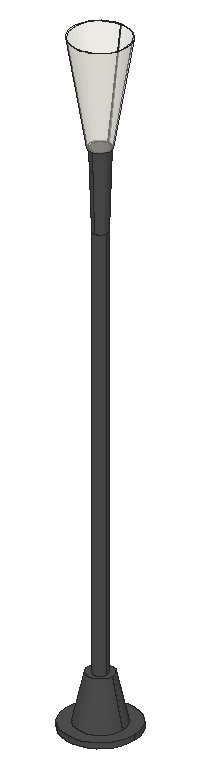
Revit family
Parameters (values of type "200 Watts")
  Wattage Comments = "200"
  Wattage = 200 W
  built-in parameter 1150110 = 1 (stored number, unit not read)
  built-in parameter 1114217 = 1 (stored number, unit not read)
  built-in parameter 1150109 = 1 (stored number, unit not read)
  built-in parameter 1150134 = 4
  built-in parameter 1150113 = 1 (stored number, unit not read)
  built-in parameter 1150105 = 190.99 (stored number, unit not read)
  Lumens = 2400 lm
  built-in parameter 1150115 = 1 (stored number, unit not read)
  Light Source Symbol Size = 609.6 mm
  built-in parameter 1150137 = (empty or 0)
  built-in parameter 1150139 = (empty or 0)
  built-in parameter 1150112 = 1 (stored number, unit not read)
  built-in parameter 1150114 = 1 (stored number, unit not read)
  Lamp Base Material = White Metal
  Post Height = 900 mm
  Lamp Shade Material = Glass-Frosted
  Lamp = "UL-1"
  built-in parameter 1150132 = (empty or 0)
  built-in parameter 1150102 = (empty or 0)
  built-in parameter 1150107 = 2800 (stored number, unit not read)
  built-in parameter 1150138 = (empty or 0)
  built-in parameter 1150106 = 1.9099 (stored number, unit not read)
  built-in parameter 1150104 = 1.1148 (stored number, unit not read)
  Dimming Lamp Color Temperature Shift = (empty or 0)
  Color Filter = 16777215
  built-in parameter 1114218 = 1 (stored number, unit not read)
  built-in parameter 1150133 = 10 (stored number, unit not read)
Types (3, lengths in mm): name | Wattage Comments | Wattage | built-in parameter 1150105 | Lumens | built-in parameter 1150106
  (no name) | "200" | 200 W | 190.99 (stored number, unit not read) | 2400 lm | 1.9099 (stored number, unit not read)
  400 Watts | "400" | 400 W | 381.97 (stored number, unit not read) | 4800 lm | 3.8197 (stored number, unit not read)
  200 Watts | "200" | 200 W | 190.99 (stored number, unit not read) | 2400 lm | 1.9099 (stored number, unit not read)
Reference planes
  plane 1 "Light Source Axis (F/B)": y = 0
  plane 2: z = 0
  plane 3 "Light Source Axis (L/R)": x = 0
  plane 4 "Light Source Elevation": z = 1150
  plane 5: z = 900
  plane 6: x = -69.893
  plane 7: x = 69.893
  plane 8: y = 69.893
  plane 9: y = -69.893
Forms (mm)
  Blend 1, solid, material "White Metal" <- "Lamp Base Material"
    base sketch origin (0, 0, 0) x (1, 0, 0) y (0, 1, 0)
      loop
        circle (0, 0) r 45
    top sketch origin (0, 0, 0) x (1, 0, 0) y (0, 1, 0)
      loop
        circle (0, 0) r 25
    from 10 to 100
  Extrusion 2, solid, material "White Metal" <- "Lamp Base Material"
    sketch origin (0, 0, 0) x (1, 0, 0) y (0, 1, 0)
      loop
        circle (0, 0) r 14
    from 100 to 900
  Extrusion 3, solid, material "White Metal" <- "Lamp Base Material"
    sketch origin (0, 0, 0) x (1, 0, 0) y (0, 1, 0)
      loop
        circle (0, 0) r 69.893
    from 0 to 10
  Blend 4, solid, material "White Metal" <- "Lamp Base Material"
    base sketch origin (0, 0, 900) x (0, -1, 0) y (1, 0, 0)
      loop
        circle (0, 0) r 14
    top sketch origin (0, 0, 900) x (0, -1, 0) y (1, 0, 0)
      loop
        circle (0, 0) r 18
    from 0 to 150
  Blend 5, solid, material "Glass-Frosted" <- "Lamp Shade Material"
    base sketch origin (0, 0, 900) x (0, -1, 0) y (1, 0, 0)
      loop
        arc (-19.972, 0.471) -> (19.976, -0.236) -> (-19.977, 0) r 19.977
        line (-19.977, 0) -> (-21.977, 0)
        arc (-21.977, 0) -> (21.975, -0.323) -> (-21.968, 0.646) r 21.977
        line (-21.968, 0.646) -> (-19.972, 0.471)
    top sketch origin (0, 0, 900) x (0, -1, 0) y (1, 0, 0)
      loop
        arc (-54.587, 0) -> (54.586, -0.312) -> (-54.583, 0.625) r 54.587
        line (-54.583, 0.625) -> (-52.583, 0.602)
        arc (-52.583, 0.602) -> (52.586, -0.301) -> (-52.587, 0) r 52.587
        line (-52.587, 0) -> (-54.587, 0)
    from 150 to 350
Lines and regions (mm)
  Masking region 1
    outline origin (0, 0, 900) x (0, -1, 0) y (1, 0, 0)
      loop
        circle (0, 0) r 69.893
  symbolic lines
    curve 1: arc (69.893, 0, 0) -> (0, 69.893, 0) -> (-69.893, 0, 0) r 69.893
    curve 2: arc (-69.893, 0, 0) -> (0, -69.893, 0) -> (69.893, 0, 0) r 69.893
    curve 3: arc (-8.819, -10.873, 0) -> (8.917, 10.793, 0) -> (-9.015, -10.711, 0) r 14
    curve 4: arc (-29.3, -46.057, 0) -> (29.541, 45.902, 0) -> (-29.782, -45.747, 0) r 54.587
    curve 5: arc (-28.69, -44.071, 0) -> (28.459, 44.22, 0) -> (-28.226, -44.369, 0) r 52.587
Dimensions and locks
  "Post Height": plane 5 to plane 2
  locked: plane 4 "Light Source Elevation" to plane 5 at 250
  plane 6 to plane 7 = 139.785 mm
  plane 9 to plane 8 = 139.785 mm
  aligned and locked: plane 5 to Extrusion 2
  aligned and locked: Extrusion 2 to Blend 1
  aligned and locked: Blend 1 to Extrusion 3
  aligned and locked: Blend 4 to Extrusion 2
  aligned and locked: Blend 5 sketch curve to plane 3 "Light Source Axis (L/R)"  (x2)
  aligned and locked: Blend 5 sketch curve to curve 4
  aligned and locked: Blend 5 to Blend 4
  aligned and locked: plane 6 to Extrusion 3
  aligned and locked: plane 7 to Extrusion 3
  aligned and locked: Masking region 1 sketch curve to curve 1
  aligned and locked: Masking region 1 sketch curve to curve 2
  aligned and locked: plane 3 "Light Source Axis (L/R)" to imposter light
  aligned and locked: plane 1 "Light Source Axis (F/B)" to imposter light
  aligned and locked: plane 4 "Light Source Elevation" to imposter light
Automatic sketch dimensions
  curve 2 to plane 1 "Light Source Axis (F/B)" = 0 mm
  curve 5 to plane 1 "Light Source Axis (F/B)" = 0 mm
  curve 3 to plane 1 "Light Source Axis (F/B)" = 0 mm
  curve 4 to plane 1 "Light Source Axis (F/B)" = 0 mm
  curve 4 to plane 3 "Light Source Axis (L/R)" = 0 mm
  curve 3 to plane 3 "Light Source Axis (L/R)" = 0 mm
  curve 2 to plane 3 "Light Source Axis (L/R)" = 0 mm
  curve 5 to plane 3 "Light Source Axis (L/R)" = 0 mm
  curve 3 to plane 3 "Light Source Axis (L/R)" = 9.015 mm
  plane 1 "Light Source Axis (F/B)" to curve 3 = 10.711 mm
  curve 3 to curve 3 = 0.162 mm
  curve 5 to plane 3 "Light Source Axis (L/R)" = 28.69 mm
  curve 3 to curve 5 = 33.197 mm
  curve 5 to curve 5 = 0.299 mm
  curve 5 to curve 4 = 1.676 mm
  curve 4 to curve 4 = 0.31 mm
  curve 4 to curve 5 = 1.074 mm
  curve 2 to curve 5 = 41.202 mm
  Blend 1 sketch curve to plane 1 "Light Source Axis (F/B)" = 0 mm  (x2)
  Blend 1 sketch curve to plane 3 "Light Source Axis (L/R)" = 0 mm  (x2)
  Extrusion 2 sketch curve to plane 1 "Light Source Axis (F/B)" = 0 mm
  Extrusion 2 sketch curve to plane 3 "Light Source Axis (L/R)" = 0 mm
  Extrusion 3 sketch curve to plane 1 "Light Source Axis (F/B)" = 0 mm
  Extrusion 3 sketch curve to plane 3 "Light Source Axis (L/R)" = 0 mm
  Blend 4 sketch curve to plane 1 "Light Source Axis (F/B)" = 0 mm  (x2)
  Blend 4 sketch curve to plane 3 "Light Source Axis (L/R)" = 0 mm  (x2)
  Blend 5 sketch curve to plane 1 "Light Source Axis (F/B)" = 0 mm  (x3)
  Blend 5 sketch curve to plane 3 "Light Source Axis (L/R)" = 0 mm
  plane 3 "Light Source Axis (L/R)" to Blend 5 sketch curve = 0.471 mm
  Blend 5 sketch curve to Blend 5 sketch curve = 0.006 mm
  plane 3 "Light Source Axis (L/R)" to Blend 5 sketch curve = 0.646 mm
  Blend 5 sketch curve to Blend 5 sketch curve = 0.009 mm
  plane 3 "Light Source Axis (L/R)" to Blend 5 sketch curve = 0.625 mm
  Blend 5 sketch curve to Blend 5 sketch curve = 2 mm
  plane 3 "Light Source Axis (L/R)" to Blend 5 sketch curve = 0.602 mm
  radius of Blend 1 sketch curve = 45 mm
  radius of Blend 1 sketch curve = 25 mm
  radius of Extrusion 2 sketch curve = 14 mm
  radius of Extrusion 3 sketch curve = 69.893 mm
  radius of Blend 4 sketch curve = 14 mm
  radius of Blend 4 sketch curve = 18 mm
